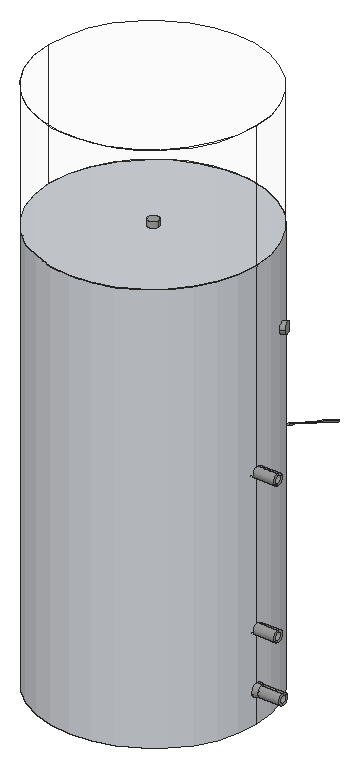
Revit family "Squire SIT Series", category Mechanical Equipment, Revit 2013
Parameters (values of type "SIT030")
  Vertical Clearance = 12"
  Tank Radius = 10"
  Total Amps-Heater and Pumps = "0"
  Voltage/Heater = "0"
  Voltage/Control = "0"
  URL = "http://www.lochinvar.com/products/default.aspx?lineid=50&type=productline"
  Total Amps = "0"
  Sensor Well Radial Location = -1 * Tank Radius - 4"  # -14"
  Sensor Well Height = G_Boiler Inlet Dist From Floor  # 21 3/4"
  SES BIM Studio # = "201264901-13"
  Pressure Relief Valve Radial Location = -1 * Tank Radius - 1/2"  # -10 1/2"
  RECOVERY (GPH) = "160"
  D_Pressure Relief Valve Height = 32 1/4"
  Pipe Dist From Center = Tank Radius - 2"  # 8"
  Model = "SIT030"
  Manufacturer = "Lochinvar"
  MODEL NO. = "SIT030"
  Hot&Cold Water Pipe Radius = 1/2"
  Hot Water Outlet Height = A_TANK HEIGHT + 1/2"  # 40"
  Hot/Cold Water Connection = 2 * Hot&Cold Water Pipe Radius  # 1"
  GALLON CAPACITY = "27"
  B_TANK DIAMETER = Tank Radius * 2  # 20"
  INPUT RATE (BTUH) = "99,000"
  A_TANK HEIGHT = 39 1/2"
  FUEL TYPE = ""
  Description = "Squire Stainless Steel Indirect Water Heater"
  Fuel Type = ""
  I_Cold Water Inlet Dist From Floor = 3"
  Clearance Height = A_TANK HEIGHT + 12"  # 51 1/2"
  H_Boiler Outlet Dist from Floor = 8 1/4"
  Boiler In/Out Connection = 1"
  G_Boiler Inlet Dist From Floor = 21 3/4"
  # of Electrical Connections = "0"
Types (7): name | Tank Radius | Sensor Well Radial Location | Sensor Well Height | Pressure Relief Valve Radial Location | RECOVERY (GPH) | D_Pressure Relief Valve Height | Pipe Dist From Center | Model | MODEL NO. | Hot&Cold Water Pipe Radius | Hot Water Outlet Height | Hot/Cold Water Connection | GALLON CAPACITY | B_TANK DIAMETER | INPUT RATE (BTUH) | A_TANK HEIGHT | I_Cold Water Inlet Dist From Floor | Clearance Height | H_Boiler Outlet Dist from Floor | G_Boiler Inlet Dist From Floor
  (no name) | 10" | -14" | 21 3/4" | -10 1/2" | "160" | 32 1/4" | 8" | "SIT030" | "SIT030" | 1/2" | 40" | 1" | "27" | 20" | "99,000" | 39 1/2" | 3" | 51 1/2" | 8 1/4" | 21 3/4"
  SIT030 | 10" | -14" | 21 3/4" | -10 1/2" | "160" | 32 1/4" | 8" | "SIT030" | "SIT030" | 1/2" | 40" | 1" | "27" | 20" | "99,000" | 39 1/2" | 3" | 51 1/2" | 8 1/4" | 21 3/4"
  SIT050 | 12" | -16" | 24 1/2" | -12 1/2" | "209" | 39 3/4" | 10" | "SIT050" | "SIT050" | 1/2" | 47 1/2" | 1" | "52" | 24" | "133,000" | 47" | 3 3/4" | 59" | 9 1/4" | 24 1/2"
  SIT040 | 10" | -14" | 25 1/4" | -10 1/2" | "181" | 58 1/2" | 8" | "SIT040" | "SIT040" | 1/2" | 56" | 1" | "40" | 20" | "115,000" | 55 1/2" | 3" | 67 1/2" | 8 1/4" | 25 1/4"
  SIT065 | 12" | -16" | 28" | -12 1/2" | "263" | 52 1/4" | 10" | "SIT065" | "SIT065" | 3/4" | 60 1/2" | 1 1/2" | "67" | 24" | "154,000" | 60" | 3 1/4" | 72" | 9 1/4" | 28"
  SIT080 | 12" | -16" | 28" | -12 1/2" | "266" | 61 3/4" | 10" | "SIT080" | "SIT080" | 3/4" | 70" | 1 1/2" | "82" | 24" | "160,000" | 69 1/2" | 3 1/4" | 81 1/2" | 9 1/4" | 28"
  SIT119 | 14" | -18" | 31 3/4" | -14 1/2" | "349" | 60 1/4" | 12" | "SIT119" | "SIT119" | 3/4" | 68 3/4" | 1 1/2" | "114" | 28" | "200,000" | 68 1/4" | 3 1/4" | 80 1/4" | 9 1/4" | 31 3/4"
Reference planes (in)
  plane 1: z = 0
  plane 2: y = -1.83246
  plane 3: x = 77.16933
  plane 4 "Pressure Relief": through (98.75766, -53.95129, 48) normal (-0.9239, -0.3827, 0)
Forms (in)
  Extrusion 1, solid
    sketch origin (20.70262, 4.52692, 0) x (-1, 0, 0) y (0, -1, 0)
      loop
        circle (-56.46671, 6.35938) r 10
    from 0 to 39.5
  Revolve 2, solid, material "Default"
    sketch origin (0, -1.83246, 0) x (1, 0, 0) y (0, 0, 1)
      loop
        line (89.16933, 22.125) -> (89.16933, 22.25) -> (85.16933, 22.25) -> (85.16933, 22.125) -> (89.16933, 22.125)
      axis (85.16933, 21.75) -> (89.16933, 21.75)
    angle from 0 to 360
  Revolve 3, solid, material "Default"
    sketch origin (0, -1.83246, -3.25) x (1, 0, 0) y (0, 0, 1)
      loop
        line (89.16933, 11.875) -> (89.16933, 12) -> (85.16933, 12) -> (85.16933, 11.875) -> (89.16933, 11.875)
      axis (85.16933, 11.5) -> (89.16933, 11.5)
    angle from 0 to 360
  Revolve 4, solid, material "Default"
    sketch origin (0, -1.83246, -7.25) x (1, 0, 0) y (0, 0, 1)
      loop
        line (89.66933, 10.625) -> (89.66933, 10.75) -> (87.66933, 10.75) -> (87.16933, 10.875) -> (85.16933, 10.875) -> (85.16933, 10.625) -> (89.66933, 10.625)
      axis (85.16933, 10.25) -> (89.66933, 10.25)
    angle from 0 to 360
  Extrusion 5, solid, material "Default"
    sketch origin (0, 0, 0) x (1, 0, 0) y (0, 1, 0)
      loop
        circle (77.16933, -1.83246) r 0.5
    from 39.5 <- "A_TANK HEIGHT" to 40 <- "Hot Water Outlet Height"
  Extrusion 6, solid, material "Default"
    sketch origin (65.22027, 27.01512, -6.54141) x (0.382683, -0.92388, 0) y (0, 0, 1)
      loop
        circle (31.2244, 38.79141) r 0.5
    from -8 to -10.5 <- "Pressure Relief Valve Radial Location"
  Extrusion 7, solid, material "Default"
    sketch origin (55.09035, 20.24652, -18.25) x (0.707107, -0.707107, 0) y (0, 0, 1)
      loop
        circle (31.2244, 40) r 0.06075
    from -9 to -14 <- "Sensor Well Radial Location"
  Extrusion 8, solid, material "Clearance"
    sketch origin (0, 0, 0) x (1, 0, 0) y (0, 1, 0)
      loop
        circle (77.16933, -1.83246) r 10
    from 39.5 <- "A_TANK HEIGHT" to 51.5 <- "Clearance Height"
Dimensions and locks (in)
  "A_TANK HEIGHT": level to Extrusion 1
  Revolve 2 sketch curve to Revolve 2 sketch curve = 1/2"
  "G_Boiler Inlet Dist From Floor": Revolve 2 sketch curve to level
  Revolve 3 sketch curve to Revolve 3 sketch curve = 1/2"
  "Pipe Dist From Center": plane 3 to Revolve 2 sketch curve
  "Pipe Dist From Center": plane 3 to Revolve 3 sketch curve
  "H_Boiler Outlet Dist from Floor": Revolve 3 sketch curve to level
  "Pipe Dist From Center": plane 3 to Revolve 4 sketch curve
  "I_Cold Water Inlet Dist From Floor": Revolve 4 sketch curve to level
  "D_Pressure Relief Valve Height": Extrusion 6 sketch curve to level
  "Sensor Well Height": Extrusion 7 sketch curve to level
  "Hot&Cold Water Pipe Radius": Revolve 4 sketch curve to Revolve 4 sketch curve
  "Tank Radius": radius of Extrusion 1 sketch curve
  "Hot&Cold Water Pipe Radius": radius of Extrusion 5 sketch curve
  "Tank Radius": radius of Extrusion 8 sketch curve
  aligned and locked: plane 2 to Extrusion 1 sketch curve
  aligned and locked: plane 3 to Extrusion 1 sketch curve
Automatic sketch dimensions
  Revolve 2 sketch curve to Revolve 2 sketch curve = 0"
  Revolve 2 sketch curve to Revolve 2 sketch curve = 4"
  Revolve 2 sketch curve to Revolve 2 sketch curve = 0.10603"
  Revolve 2 sketch curve to Revolve 2 sketch curve = 1/8"
  Revolve 3 sketch curve to Revolve 3 sketch curve = 0"
  Revolve 3 sketch curve to Revolve 3 sketch curve = 4"
  Revolve 3 sketch curve to Revolve 3 sketch curve = 0.10603"
  Revolve 3 sketch curve to Revolve 3 sketch curve = 1/8"
  Revolve 4 sketch curve to Revolve 4 sketch curve = 0"
  Revolve 4 sketch curve to Revolve 4 sketch curve = 2"
  Revolve 4 sketch curve to Revolve 4 sketch curve = 1/2"
  Revolve 4 sketch curve to Revolve 4 sketch curve = 1.60603"
  Revolve 4 sketch curve to Revolve 4 sketch curve = 0.39397"
  Revolve 4 sketch curve to Revolve 4 sketch curve = 1/8"  (x2)
  Extrusion 5 sketch curve to plane 2 = 0"
  Extrusion 5 sketch curve to plane 3 = 0"
  Extrusion 8 sketch curve to plane 2 = 0"
  Extrusion 8 sketch curve to plane 3 = 0"
  radius of Extrusion 6 sketch curve = 1/2"
  radius of Extrusion 7 sketch curve = 0.06075"
Connectors (in)
  piping at (77.16933, -1.83246, 40), driven by "Hot&Cold Water Pipe Radius"
    settings: on Extrusion 5, index 1, connector radius 1/2", flow factor 0, pipe flow 0 GPM, pressure drop 0.00 psi, fitting loss kfactor 0, connector angle 0.00°, fixture units 0, engagement length 0", flow configuration 0, flow direction 2, fitting loss method 0, system type 7, joint type 0, gender type 0, connector reference index -1, connector utility 0, adjustable connector no, is connector primary yes, fitting loss table "", connector description "Hot Water Outlet"
  piping at (89.16933, -1.83246, 21.75)
    settings: on Revolve 2, index 2, connector radius 1/2", flow factor 0, pipe flow 0 GPM, pressure drop 0.00 psi, fitting loss kfactor 0, connector angle 0.00°, fixture units 0, engagement length 0", flow configuration 0, flow direction 1, fitting loss method 0, system type 7, joint type 0, gender type 0, connector reference index -1, connector utility 0, adjustable connector no, is connector primary no, fitting loss table "", connector description "Boiler In"
  piping at (89.16933, -1.83246, 8.25)
    settings: on Revolve 3, index 3, connector radius 1/2", flow factor 0, pipe flow 0 GPM, pressure drop 0.00 psi, fitting loss kfactor 0, connector angle 0.00°, fixture units 0, engagement length 0", flow configuration 0, flow direction 2, fitting loss method 0, system type 7, joint type 0, gender type 0, connector reference index -1, connector utility 0, adjustable connector no, is connector primary no, fitting loss table "", connector description "Boiler Out"
  piping at (89.66933, -1.83246, 3), driven by "Hot&Cold Water Pipe Radius"
    settings: on Revolve 4, index 4, connector radius 1/2", flow factor 0, pipe flow 0 GPM, pressure drop 0.00 psi, fitting loss kfactor 0, connector angle 0.00°, fixture units 0, engagement length 0", flow configuration 0, flow direction 0, fitting loss method 0, system type 7, joint type 0, gender type 0, connector reference index -1, connector utility 0, adjustable connector no, is connector primary no, fitting loss table "", connector description "Cold Water Inlet"
